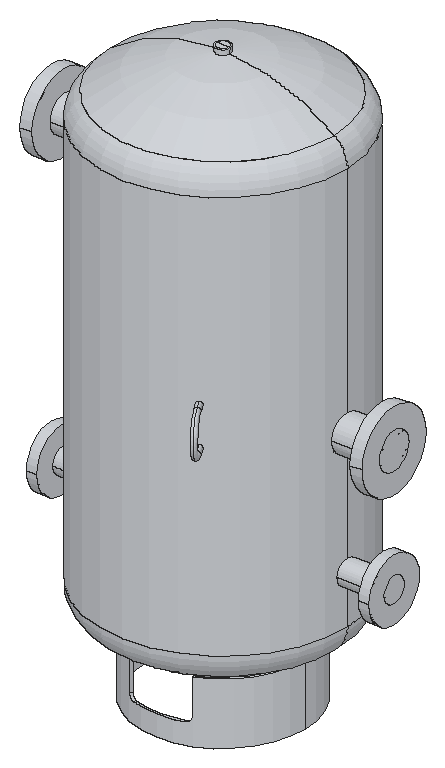
Revit family "HWBT-120-2-3-125 and 150", category Mechanical Equipment, Revit 2014
Parameters (values of type "HWBT-120-2-3-125 and 150")
  Tank Weight = "282 lbs @ 125, 310 lbs @ 150"
  Tank Volume = "120 Gal"
  Tank Height = "55 3/4\""
  Tank Diameter = "24\""
  Note = "All dimensions and weights are approximate"
  Maximum Acceptance Volume = "N/A"
  Max Operating Temp = "450° F"
  Max Operating Pressure = "125psi, or 150psi (depending on model)"
  Connector Size = "2\" and 3\""
Reference planes (in)
  plane 1 "Center (Front/Back)": y = 0
  plane 2: z = 0
  plane 3 "Center (Left/Right)": x = 0
Forms (in)
  Extrusion 1, solid
    sketch origin (0, 0, 0) x (0, 1, 0) y (0, 0, 1)
      loop
        circle (0, 15) r 1.19
    from 0 to 16.5
  Extrusion 2, solid
    sketch origin (0, 0, 0) x (0, 1, 0) y (0, 0, 1)
      loop
        circle (0, 15) r 3
    from 15.5 to 16.5
  Extrusion 3, solid
    sketch origin (0, 0, 0) x (1, 0, 0) y (0, 1, 0)
      loop
        circle (0, 0) r 7.75261
      loop
        circle (0, 0) r 8
    from 0 to 6
  Extrusion 4, void
    sketch origin (0, 0, 0) x (1, 0, 0) y (0, 0, 1)
      loop
        line (-3, 6) -> (-3, 2.5)
        arc (-3, 2.5) -> (-2.85355, 2.14645) -> (-2.5, 2) r 0.5
        line (-2.5, 2) -> (2.5, 2)
        arc (2.5, 2) -> (2.85355, 2.14645) -> (3, 2.5) r 0.5
        line (3, 2.5) -> (3, 6.75) -> (-3, 6.75) -> (-3, 6)
    from 0 to 12
  Revolve 5, solid
    sketch origin (0, 0, 0) x (1, 0, 0) y (0, 0, 1)
      loop
        line (0, 56.26304) -> (-0.625, 56.26304)
        arc (-0.625, 56.26304) -> (-0.66919, 56.24473) -> (-0.6875, 56.20054) r 0.0625
        line (-0.6875, 56.20054) -> (-0.6875, 55.75002)
        arc (-0.6875, 55.75002) -> (-6.00045, 54.74293) -> (-10.78124, 52.21592) r 18.158
        arc (-10.78124, 52.21592) -> (-11.67803, 51.15405) -> (-12, 49.80196) r 3
        line (-12, 49.80196) -> (-12, 10.22411)
        arc (-12, 10.22411) -> (-11.67803, 8.87202) -> (-10.78124, 7.81016) r 3
        arc (-10.78124, 7.81016) -> (-6.00045, 5.28314) -> (-0.6875, 4.27606) r 18.158
        line (-0.6875, 4.27606) -> (-0.6875, 3.82554)
        arc (-0.6875, 3.82554) -> (-0.66919, 3.78134) -> (-0.625, 3.76304) r 0.0625
        line (-0.625, 3.76304) -> (0, 3.76304) -> (0, 56.26304)
      axis (0, 56.26304) -> (0, 3.76304)
    angle from 0 to 360
  Sweep 6, solid
    path origin (-3.10312, 4.94253, -16.53947) x (0.511725, -0.85915, 0) y (0, 0, 1)
      loop
        line (17.83546, 48.42089) -> (18.83546, 48.42089)
        arc (18.83546, 48.42089) -> (20.71046, 46.54589) -> (18.83546, 44.67089) r 1.875
        line (18.83546, 44.67089) -> (17.83546, 44.67089)
    profile origin (6.27959, -10.81038, 31.88142) x (0, 0, 1) y (-0.85915, -0.511725, 0)
      loop
        circle (0, 0) r 0.25
  Extrusion 7, solid
    sketch origin (0, 0, 0) x (0, 1, 0) y (0, 0, 1)
      loop
        circle (0, 15) r 1.19
    from 0 to -16.5
  Extrusion 8, solid
    sketch origin (0, 0, 0) x (0, 1, 0) y (0, 0, 1)
      loop
        circle (0, 15) r 3
    from -15.5 to -16.5
  Extrusion 9, solid
    sketch origin (0, 0, 0) x (0, 1, 0) y (0, 0, 1)
      loop
        circle (0, 27) r 1.75
    from 0 to 16.5
  Extrusion 10, solid
    sketch origin (0, 0, 0) x (0, 1, 0) y (0, 0, 1)
      loop
        circle (0, 45) r 1.75
    from 0 to -16.5
  Extrusion 11, solid
    sketch origin (0, 0, 0) x (0, 1, 0) y (0, 0, 1)
      loop
        circle (0, 27) r 3.8125
    from 15.3125 to 16.5
  Extrusion 12, solid
    sketch origin (0, 0, 0) x (0, 1, 0) y (0, 0, 1)
      loop
        circle (0, 45) r 3.8125
    from -15.3125 to -16.5
Cuts and joins
  Extrusion 4 cuts Extrusion 3
Dimensions and locks (in)
  aligned and locked: level to plane 2
